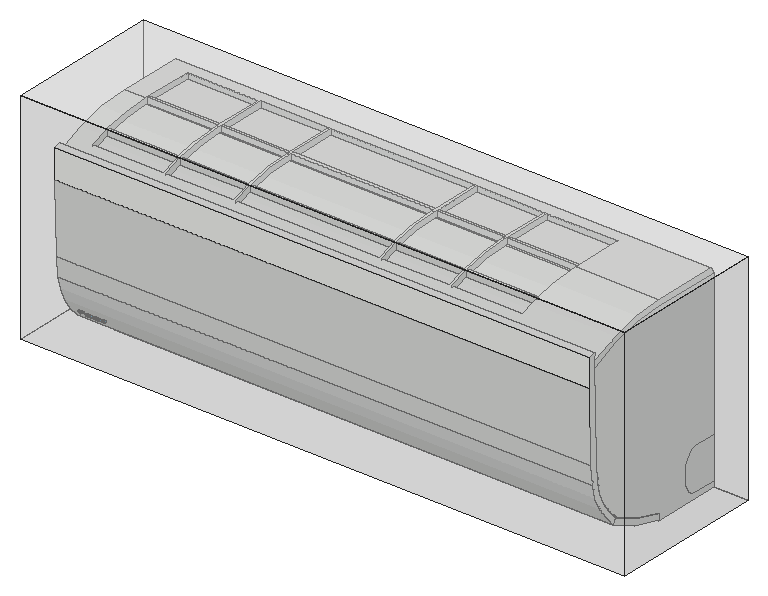
Revit family "outputfile", category 機械設備, Revit 2024 (continued)
Definition of nested family "DAIKIN_indoorunit_FTXV-QVMV"
  Automatic sketch dimensions
    Extrusion 21 sketch curve to Extrusion 21 sketch curve = 74.426 mm
    Extrusion 21 sketch curve to Extrusion 21 sketch curve = 0.483 mm
    Extrusion 21 sketch curve to Extrusion 21 sketch curve = 4.137 mm
    Extrusion 21 sketch curve to Extrusion 21 sketch curve = 31.393 mm
    Extrusion 21 sketch curve to Extrusion 21 sketch curve = 9.215 mm
    Extrusion 21 sketch curve to level = 8.0 mm
    Extrusion 22 sketch curve to plane 1 "Center (Front/Back)" = 0.0 mm
    Extrusion 22 sketch curve to Extrusion 22 sketch curve = 20.0 mm  (x2)
    Extrusion 22 sketch curve to level = 287.035 mm
    Extrusion 23 sketch curve to plane 1 "Center (Front/Back)" = 0.0 mm
    Extrusion 23 sketch curve to Extrusion 23 sketch curve = 20.0 mm  (x2)
    Extrusion 23 sketch curve to level = 287.035 mm
    plane 1 "Center (Front/Back)" to Extrusion 24 sketch curve = 0.0 mm  (x2)
    plane 3 "Center (Left/Right)" to Extrusion 24 sketch curve = 469.0 mm
    Extrusion 24 sketch curve to Extrusion 24 sketch curve = 20.0 mm  (x4)
    Extrusion 24 sketch curve to plane 3 "Center (Left/Right)" = 409.0 mm
  Nested families
    nested 1: "daikin_logo_plane_w40" at (-320, -198.871, -233.244) x (1, 0, 0) z (0, -0.7841, -0.6206), visible <- "switch_unit1_25-35", type "daikin_logo_plane_w40"
      with show_logo yes
    nested 2: "daikin_logo_plane_w40" at (-430, -237.74, -233.244) x (1, 0, 0) z (0, -0.7841, -0.6206), visible <- "switch_unit1_50-71", type "daikin_logo_plane_w40"
      with show_logo yes
  Definition of nested family "daikin_logo_plane_w40"
    Parameters (values of type "daikin_logo_plane_w40")
      width = 40.0 mm
      show_logo [instance] = yes
      material = none
      height = 0.0 mm
      depth = 0.0 mm
      Default Elevation = 1219.2 mm
    Reference planes
      plane 1 "Center (Front/Back)": y = 0
      plane 2: z = 0
      plane 3 "Center (Left/Right)": x = 0
      plane 4: z = 2
      plane 5 "left": x = -19
      plane 6: x = 19
    Forms (mm)
      Extrusion 1, solid, visible <- "show_logo"
        sketch origin (-19, 0, 0) x (1, 0, 0) y (0, 1, 0)
          loop
            line (8.902, -1.878) -> (7.789, -6.332) -> (11.13, -6.332)
            arc (11.13, -6.332) -> (12.454, -6.064) -> (13.472, -5.176) r 2.642
            arc (13.472, -5.176) -> (13.92, -4.02) -> (13.767, -2.79) r 2.537
            arc (13.767, -2.79) -> (13.452, -2.342) -> (12.982, -2.06) r 1.321
            arc (12.982, -2.06) -> (12.063, -1.902) -> (11.13, -1.878) r 6.479
            line (11.13, -1.878) -> (8.902, -1.878)
          loop
            line (10.016, -5.441) -> (10.907, -5.441)
            arc (10.907, -5.441) -> (11.591, -4.983) -> (11.988, -4.261) r 1.742
            spline (11.988, -4.261) -> (12.01, -4.155) -> (12.027, -4.03) -> (12.037, -3.893) -> (12.037, -3.747) -> (12.026, -3.598) -> (12.002, -3.451) -> (11.962, -3.31) -> (11.905, -3.181) -> (11.829, -3.069) -> (11.731, -2.978) -> (11.61, -2.913) -> (11.464, -2.88)
            line (11.464, -2.88) -> (10.573, -2.88) -> (10.016, -5.441)
          loop
            line (13.58, -6.332) -> (14.805, -6.332) -> (15.223, -5.553) -> (16.977, -5.553) -> (17.144, -6.332) -> (19.149, -6.332) -> (18.258, -1.878) -> (16.03, -1.878) -> (13.58, -6.332)
          loop
            line (16.476, -3.214) -> (15.76, -4.551) -> (16.762, -4.551) -> (16.476, -3.214)
          loop
            line (19.705, -6.332) -> (21.599, -6.332) -> (22.712, -1.878) -> (20.819, -1.878) -> (19.705, -6.332)
          loop
            line (22.712, -6.332) -> (24.606, -6.332) -> (24.908, -5.122) -> (25.831, -6.332) -> (28.17, -6.332) -> (26.388, -3.994) -> (28.949, -1.878) -> (26.945, -1.878) -> (25.401, -3.153) -> (25.719, -1.878) -> (23.826, -1.878) -> (22.712, -6.332)
          loop
            line (29.84, -1.878) -> (28.615, -6.332) -> (30.62, -6.332) -> (31.734, -1.878) -> (29.84, -1.878)
          loop
            line (31.734, -6.332) -> (33.07, -6.332) -> (33.7, -3.814) -> (34.518, -6.332) -> (36.745, -6.332) -> (37.859, -1.878) -> (36.523, -1.878) -> (35.845, -4.589) -> (34.963, -1.878) -> (32.847, -1.878) -> (31.734, -6.332)
        from 0 to 2
      Extrusion 2, solid, visible <- "show_logo"
        sketch origin (-19, 0, 0) x (1, 0, 0) y (0, 1, 0)
          loop
            line (8.7, 0) -> (4.235, 0) -> (0, -3.879) -> (0, -8) -> (8.7, 0)
        from 0 to 2
      Extrusion 3, solid, visible <- "show_logo"
        sketch origin (-19, 0, 0) x (1, 0, 0) y (0, 1, 0)
          loop
            line (0, 0) -> (0, -3.879) -> (4.235, 0) -> (0, 0)
        from 0 to 2
    Dimensions and locks
      plane 4 to plane 2 = 2.0 mm
      equal spacing: plane 5 "left", plane 3 "Center (Left/Right)", plane 6
      locked: plane 5 "left" to plane 6 at 38
      aligned and locked: level to plane 2
      aligned and locked: Extrusion 3 to plane 1 "Center (Front/Back)"  (x2)
      aligned and locked: Extrusion 2 to plane 1 "Center (Front/Back)"  (x2)
      aligned and locked: plane 4 to Extrusion 1
      aligned and locked: plane 4 to Extrusion 3
      aligned and locked: plane 4 to Extrusion 2
      aligned and locked: Extrusion 3 to plane 5 "left"
      aligned and locked: Extrusion 2 to plane 5 "left"
    Automatic sketch dimensions
      Extrusion 1 sketch curve to Extrusion 1 sketch curve = 0.901 mm
      Extrusion 1 sketch curve to Extrusion 1 sketch curve = 1.559 mm
      Extrusion 1 sketch curve to Extrusion 1 sketch curve = 1.327 mm
      Extrusion 1 sketch curve to Extrusion 1 sketch curve = 2.145 mm
      Extrusion 1 sketch curve to Extrusion 1 sketch curve = 1.448 mm
      Extrusion 1 sketch curve to Extrusion 1 sketch curve = 2.116 mm
      Extrusion 1 sketch curve to Extrusion 1 sketch curve = 1.114 mm  (x4)
      Extrusion 1 sketch curve to Extrusion 1 sketch curve = 1.336 mm  (x2)
      plane 1 "Center (Front/Back)" to Extrusion 1 sketch curve = 1.878 mm  (x5)
      Extrusion 1 sketch curve to Extrusion 1 sketch curve = 1.893 mm  (x5)
      Extrusion 1 sketch curve to Extrusion 1 sketch curve = 0.891 mm  (x4)
      Extrusion 1 sketch curve to Extrusion 1 sketch curve = 2.005 mm  (x3)
      Extrusion 1 sketch curve to Extrusion 1 sketch curve = 0.445 mm  (x2)
      plane 1 "Center (Front/Back)" to Extrusion 1 sketch curve = 3.994 mm
      Extrusion 1 sketch curve to Extrusion 1 sketch curve = 0.557 mm  (x2)
      Extrusion 1 sketch curve to Extrusion 1 sketch curve = 2.339 mm  (x2)
      Extrusion 1 sketch curve to Extrusion 1 sketch curve = 1.225 mm  (x3)
      plane 1 "Center (Front/Back)" to Extrusion 1 sketch curve = 3.153 mm
      Extrusion 1 sketch curve to Extrusion 1 sketch curve = 0.987 mm
      plane 1 "Center (Front/Back)" to Extrusion 1 sketch curve = 5.122 mm
      Extrusion 1 sketch curve to Extrusion 1 sketch curve = 0.922 mm
      plane 1 "Center (Front/Back)" to Extrusion 1 sketch curve = 6.332 mm
      Extrusion 1 sketch curve to Extrusion 1 sketch curve = 2.562 mm
      plane 1 "Center (Front/Back)" to Extrusion 1 sketch curve = 5.553 mm
      Extrusion 1 sketch curve to Extrusion 1 sketch curve = 0.167 mm
      Extrusion 1 sketch curve to Extrusion 1 sketch curve = 0.215 mm
      plane 1 "Center (Front/Back)" to Extrusion 1 sketch curve = 3.214 mm
      Extrusion 1 sketch curve to Extrusion 1 sketch curve = 0.286 mm
      plane 1 "Center (Front/Back)" to Extrusion 1 sketch curve = 4.551 mm
      Extrusion 1 sketch curve to Extrusion 1 sketch curve = 1.002 mm
      Extrusion 1 sketch curve to Extrusion 1 sketch curve = 0.537 mm
      Extrusion 1 sketch curve to Extrusion 1 sketch curve = 0.418 mm
      Extrusion 1 sketch curve to Extrusion 1 sketch curve = 1.028 mm
      plane 1 "Center (Front/Back)" to Extrusion 1 sketch curve = 4.261 mm
      Extrusion 1 sketch curve to Extrusion 1 sketch curve = 0.563 mm
      plane 1 "Center (Front/Back)" to Extrusion 1 sketch curve = 2.88 mm
      Extrusion 1 sketch curve to Extrusion 1 sketch curve = 1.088 mm
      Extrusion 1 sketch curve to Extrusion 1 sketch curve = 2.152 mm
      Extrusion 1 sketch curve to Extrusion 1 sketch curve = 0.586 mm
      Extrusion 1 sketch curve to Extrusion 1 sketch curve = 0.118 mm
      Extrusion 1 sketch curve to Extrusion 1 sketch curve = 0.298 mm
      Extrusion 1 sketch curve to Extrusion 1 sketch curve = 0.334 mm
      Extrusion 1 sketch curve to Extrusion 1 sketch curve = 0.223 mm
      Extrusion 1 sketch curve to Extrusion 1 sketch curve = 0.266 mm
      Extrusion 1 sketch curve to Extrusion 1 sketch curve = 1.671 mm
      Extrusion 1 sketch curve to Extrusion 1 sketch curve = 2.227 mm
      Extrusion 1 sketch curve to Extrusion 1 sketch curve = 0.0 mm  (x7)
      Extrusion 1 sketch curve to Extrusion 1 sketch curve = 3.453 mm
      Extrusion 1 sketch curve to Extrusion 1 sketch curve = 2.017 mm
      Extrusion 1 sketch curve to Extrusion 1 sketch curve = 0.78 mm  (x2)
      Extrusion 1 sketch curve to Extrusion 1 sketch curve = 1.743 mm
      Extrusion 1 sketch curve to Extrusion 1 sketch curve = 0.775 mm
      Extrusion 1 sketch curve to Extrusion 1 sketch curve = 0.552 mm
      Extrusion 1 sketch curve to Extrusion 1 sketch curve = 0.014 mm
      Extrusion 1 sketch curve to Extrusion 1 sketch curve = 0.952 mm
      Extrusion 1 sketch curve to Extrusion 1 sketch curve = 1.215 mm
      Extrusion 1 sketch curve to Extrusion 1 sketch curve = 0.108 mm
      plane 1 "Center (Front/Back)" to Extrusion 2 sketch curve = 0.0 mm
      Extrusion 2 sketch curve to plane 3 "Center (Left/Right)" = 19.0 mm
      Extrusion 2 sketch curve to plane 3 "Center (Left/Right)" = 14.765 mm
      Extrusion 2 sketch curve to Extrusion 2 sketch curve = 4.465 mm
      plane 1 "Center (Front/Back)" to Extrusion 2 sketch curve = 3.879 mm
      Extrusion 2 sketch curve to Extrusion 2 sketch curve = 4.12 mm
      plane 1 "Center (Front/Back)" to Extrusion 3 sketch curve = 0.0 mm
      Extrusion 3 sketch curve to plane 3 "Center (Left/Right)" = 19.0 mm
      Extrusion 3 sketch curve to plane 3 "Center (Left/Right)" = 14.765 mm
      plane 1 "Center (Front/Back)" to Extrusion 3 sketch curve = 3.879 mm
      Extrusion 1 sketch curve to plane 3 "Center (Left/Right)" = 11.211 mm
      Extrusion 1 sketch curve to Extrusion 1 sketch curve = 1.782 mm
Definition of nested family "daikin_connector_rotate3"
  Parameters (values of type "daikin_connector_rotate3")
    show [instance] = yes
    radius [instance] = 10.0 mm
    length [instance] = 600.0 mm
    angle_horizontal [instance] = 60.00°
    angle_vertical [instance] = 90.00°
    Default Elevation = 1219.2 mm
  Reference planes
    plane 1 "Center (Front/Back)": y = 0
    plane 2: z = 0
    plane 3 "Center (Left/Right)": x = 0
  Dimensions and locks
    "angle_horizontal": angle plane 3 "Center (Left/Right)" to nested 1
    aligned and locked: level to plane 2
    aligned and locked: plane 1 "Center (Front/Back)" to nested 1  (x2)
    aligned and locked: plane 3 "Center (Left/Right)" to nested 1
  Nested families
    nested 1: "daikin_connector_rotate2" at (0, 0, 0) x (0.5, 0.866, 0) z (0, 0, 1), angle_vertical <- "angle_vertical", length <- "length", radius <- "radius", type "daikin_connector_rotate2"
      with radius 10.0 mm, length 600.0 mm, angle_vertical 90.00°
  Definition of nested family "daikin_connector_rotate2"
    Parameters (values of type "daikin_connector_rotate2")
      show_face = yes
      radius [instance] = 10.0 mm
      length [instance] = 600.0 mm
      d_surface = 10.0 mm
      angle_vertical [instance] = 90.00°
      Default Elevation = 0.0 mm
    Reference planes
      plane 1 "Center (Front/Back)": y = 0
      plane 2: z = 0
      plane 3 "Center (Left/Right)": x = 0
    Forms (mm)
      Extrusion 1, solid, visible <- "show_face"
        sketch origin (0, -600, 0) x (1, 0, 0) y (0, 0, 1)
          loop
            circle (0, 0) r 10
        from 0 to -10
    Lines and regions (mm)
      reference lines
        curve 1: line (0, 0, 0) -> (0, -600, 0)
      symbolic lines
        curve 2: circle (0, 0, 0) r 5 normal (0, 0, 1)
      model lines, visible <- "show_face"
        curve 3: line (0, 0, 0) -> (0, -600, 0)
    Dimensions and locks
      "length": curve 1 to curve 1
      "length": curve 3 to curve 3
      "d_surface": Extrusion 1 to Extrusion 1
      "radius": radius of Extrusion 1 sketch curve
      "angle_vertical": angle curve 1 to plane 1 "Center (Front/Back)"
      "angle_vertical": angle curve 3 to plane 1 "Center (Front/Back)"
      aligned and locked: level to plane 2
      aligned and locked: plane 1 "Center (Front/Back)" to curve 1
      aligned and locked: plane 2 to curve 1
      aligned and locked: plane 1 "Center (Front/Back)" to curve 2
      aligned and locked: plane 3 "Center (Left/Right)" to curve 2
      aligned and locked: plane 1 "Center (Front/Back)" to curve 3
      aligned and locked: plane 2 to curve 3
      aligned and locked: Extrusion 1 to Extrusion 1
    Automatic sketch dimensions
      Extrusion 1 sketch curve to level = 0.0 mm
      Extrusion 1 sketch curve to plane 3 "Center (Left/Right)" = 0.0 mm
      radius of curve 2 = 5.0 mm
